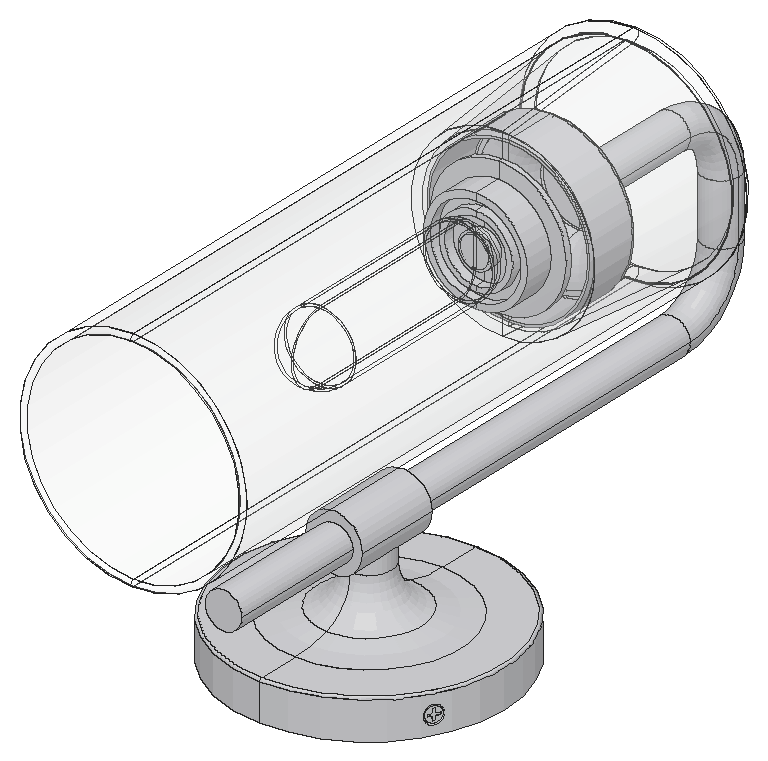
Revit family "Light_Fixture-Wall_Sconce-KOHLER-PURIST-K-27262_1", category Lighting Fixtures, host Face, Revit 2017
Family settings
  Host = Face
  Round Connector Dimension = Use Diameter
  Part Type = Normal
  OmniClass Number = 23.35.47.00
  OmniClass Title = Electrical Lighting
  Cut with Voids When Loaded = No
  Light Source = Yes
  Shared = No
  Room Calculation Point = No
Parameters (values of type "CPL-Polished Chrome")
  Width = 4 185/256"  # constant formula
  Wattage Comments = ""
  Wattage = 60 W
  WaterSense Certified = 1 = 0  # no
  built-in parameter 1150110 = 1 (stored number, unit not read)
  Voltage = 120 V  # constant formula
  URL = "https://www.us.kohler.com/us/"
  Type = 1
  built-in parameter 1114217 = 1 (stored number, unit not read)
  built-in parameter 1150109 = 1 (stored number, unit not read)
  built-in parameter 1150134 = 1
  built-in parameter 1150113 = 1 (stored number, unit not read)
  Product Page URL = "http://www.us.kohler.com/us/catalog/productDetails.jsp?productId=27262-SC01"
  Product Name = "PURIST"  # constant formula
  Product Documentation Link = "https://www.us.kohler.com/webassets/kpna/catalog/pdf/en/K-27262-SC01_spec_US-CA_Kohler_en.pdf"
  Model = if(Type = 1, "K-27262-SC01-CPL", if(Type = 2, "K-27262-SC01-BNL", if(Type = 3, "K-27262-SC01-BLL", if(Type = 4, "K-27262-SC01-SNL", if(Type = 5, "K-27262-SC01-2GL", "NA")))))  # "K-27262-SC01-CPL"
  Material = "Premium Metal Construction"  # constant formula
  Master Format 2014 Name = "Interior Lighting Fixtures, Lamps, And Ballasts"  # constant formula
  Master Format 2014 = "26 51 13"  # constant formula
  Manufacturer Address = "444 Highland Dr, Kohler, WI 53044"  # constant formula
  Manufacturer = "KOHLER Co."  # constant formula
  built-in parameter 1150105 = 95.493 (stored number, unit not read)
  Lumens = 1200 lm
  built-in parameter 1150115 = 1 (stored number, unit not read)
  Light Source Symbol Size = 7"  # constant formula
  built-in parameter 1150137 = (empty or 0)
  built-in parameter 1150139 = (empty or 0)
  Length = 7 33/128"  # constant formula
  built-in parameter 1150112 = 1 (stored number, unit not read)
  built-in parameter 1150114 = 1 (stored number, unit not read)
  Lamp = "T10 BULB"  # constant formula
  built-in parameter 1150132 = (empty or 0)
  built-in parameter 1150102 = (empty or 0)
  built-in parameter 1150107 = 6500 (stored number, unit not read)
  built-in parameter 1150138 = (empty or 0)
  built-in parameter 1150106 = 0.95493 (stored number, unit not read)
  Height = 13 7/64"  # constant formula
  Hardware Included = 1 = 1  # yes
  Finish = KOHLER-Metal-CPL-Polished_Chrome
  Environmental Product Declaration = ""
  Emit from Line Length = 3"
  Electrical Note = "One dedicated circuit required"  # constant formula
  Electrical Connector = 1 = 1  # yes
  built-in parameter 1150104 = 1.8581 (stored number, unit not read)
  Dimming Lamp Color Temperature Shift = Incandescent Lamp Curve
  Description = "PURIST 1-LIGHT SCONCE"  # constant formula
  Default Elevation = 60"
  Declare Label = ""
  Date Modified = "04/27/2021"  # constant formula
  Date Created = "04/27/2021"  # constant formula
  Copyright = "Copyright KOHLER Co."  # constant formula
  Contact Us = "https://www.us.kohler.com/us/static/contact.jsp"
  Color Filter = 16777215
  built-in parameter 1114218 = 1 (stored number, unit not read)
  built-in parameter 1150133 = 10 (stored number, unit not read)
  Assembly Code = "D5040.50"
  Apparent Load = 0 VA
  ADA Compliant = 1 = 0  # no
Types (6): name | Type | Model | Finish
  (no name) | 1 | "K-27262-SC01-CPL" | KOHLER-Metal-CPL-Polished_Chrome
  CPL-Polished Chrome | 1 | "K-27262-SC01-CPL" | KOHLER-Metal-CPL-Polished_Chrome
  BNL-Brushed Nickel | 2 | "K-27262-SC01-BNL" | KOHLER-Metal-BNL-Brushed_Nickel
  BLL-Matte Black | 3 | "K-27262-SC01-BLL" | KOHLER-Metal-BLL-Matte_Black
  SNL-Polished Nickel | 4 | "K-27262-SC01-SNL" | KOHLER-Metal-SNL-Polished_Nickel
  2GL-Brushed Modern Brass | 5 | "K-27262-SC01-2GL" | KOHLER-Metal-2GL-Brushed_Modern_Brass
Reference planes (in)
  plane 1 "Center (Front/Back)": y = 0
  plane 2: z = 0
  plane 3 "Center (Left/Right)": x = 0
  plane 4: y = 7.95276
  plane 5: x = 2.3622
  plane 6: y = 7.32283
  plane 7: y = 7.63779
  plane 8: y = -5.15662
  plane 9: y = -2.3622
  plane 10: y = 2.3622
  plane 11: x = 0.31496
  plane 12: x = -1.9685
  plane 13: x = 1.9685
  plane 14: x = -2.36045
  plane 15: x = -0.31496
  plane 16: z = 7.25781
  plane 17: y = 5.8668
  plane 18: z = 5.60236
  plane 19: z = 5.2874
  plane 20: z = 4.97244
  plane 21: z = 3.3208
  plane 22: z = 2.09843
  plane 23: z = 2.41339
  plane 24: z = 1.78346
  plane 25: z = 0.68898
Dimensions and locks (in)
  plane 4 to plane 8 = 13 7/64"
  "Width": plane 14 to plane 5
  "Height": plane 4 to plane 8
  "Length": level to plane 16
  plane 21 to plane 16 = 3.93701"
  plane 20 to plane 18 = 0.62992"
  plane 10 to plane 9 = 4.72441"
  aligned and locked: plane 2 to host face
  aligned and locked: level to host face
  aligned and locked: plane 3 "Center (Left/Right)" to nested 1
  aligned and locked: plane 1 "Center (Front/Back)" to nested 1
Automatic sketch dimensions
  host sketch curve to host sketch curve = 96"  (x2)
Nested families (in)
  nested 1: "K-27262" at (0, 0, 0), type "K-27262"
Connectors (in)
  electrical at (0, 0, 0), driven by "Voltage", driven by "Apparent Load", driven by "Electrical Connector", driven by "Electrical Note"
    settings: on nested 1, index 1, voltage 120 V, apparent load 0 VA, apparent load phase1 0 VA, apparent load phase2 0 VA, apparent load phase3 0 VA, power factor 1, load classification "Lighting", number of poles 1, system type 30, power factor state 1, is connector primary yes, connector utility yes, sub classification motor no, connector description "One dedicated circuit required"
Definition of nested family "K-27262"
  Parameters (values of type "K-27262")
    Material = none
  Reference planes (in)
    plane 1 "Center (Front/Back)": y = 0
    plane 2: z = 0
    plane 3 "Center (Left/Right)": x = 0
    plane 4: y = -2.3622
    plane 5: y = 2.3622
    plane 6: z = 7.25591
    plane 7: z = 3.3189
    plane 8: y = -5.15748
    plane 9: y = 7.95276
    plane 10: z = 2.09843
    plane 11: z = 2.41339
    plane 12: z = 1.78346
    plane 13: y = 7.63779
    plane 14: y = 7.32283
    plane 15: z = 5.2874
    plane 16: z = 5.60236
    plane 17: z = 4.97244
    plane 18: x = 1.9685
    plane 19: x = -1.9685
    plane 20: x = -2.3622
    plane 21: x = 2.3622
    plane 22: x = 0.31496
    plane 23: x = -0.31496
    plane 24: y = 5.8668
  Forms (in)
    Revolve 1, solid, material <- "Material", detail levels medium+fine
      sketch origin (0, 0, 0) x (0, 1, 0) y (0, 0, 1)
        loop
          line (0, 2.09843) -> (0, 0) -> (2.3622, 0) -> (2.3622, 0.64982)
          arc (2.3622, 0.64982) -> (2.35073, 0.67751) -> (2.32304, 0.68898) r 0.03916
          line (2.32304, 0.68898) -> (1.59505, 0.68898)
          arc (1.59505, 0.68898) -> (1.24832, 0.71439) -> (0.90899, 0.7901) r 2.37791
          arc (0.90899, 0.7901) -> (0.53668, 1.05153) -> (0.39378, 1.48344) r 0.72414
          line (0.39378, 1.48344) -> (0.39378, 2.09843) -> (0, 2.09843)
        axis (0, 0) -> (0, 2.09843)
      angle from 0 to 360
    Sweep 2, solid, material <- "Material"
      path origin (0, 0, 0) x (0, 1, 0) y (0, 0, 1)
        loop
          line (-3.14961, 2.09843) -> (6.5748, 2.09843)
          arc (6.5748, 2.09843) -> (7.32645, 2.40977) -> (7.63779, 3.16142) r 1.06299
          line (7.63779, 3.16142) -> (7.63779, 4.22441)
          arc (7.63779, 4.22441) -> (7.32645, 4.97606) -> (6.5748, 5.2874) r 1.06299
          line (6.5748, 5.2874) -> (4.6063, 5.2874)
      profile origin (0, 1.7126, 2.09843) x (0, 0, 1) y (1, 0, 0)
        loop
          circle (0, 0) r 0.31496
    Extrusion 3, solid, material <- "Material"
      sketch origin (0, 0, 0) x (1, 0, 0) y (0, 0, 1)
        loop
          circle (0, 2.09843) r 0.49215
      from -0.74803 to 0.74803
    Revolve 4, solid
      sketch origin (0, 0, 0) x (0, 1, 0) y (0, 0, 1)
        loop
          line (5.74907, 7.25591) -> (-5.09888, 7.25591)
          arc (-5.09888, 7.25591) -> (-5.15794, 7.19685) -> (-5.09888, 7.1378) r 0.05905
          line (-5.09888, 7.1378) -> (5.58238, 7.1378)
          arc (5.58238, 7.1378) -> (5.5961, 7.13393) -> (5.58857, 7.12184) r 0.00891
          line (5.58857, 7.12184) -> (2.91339, 6.8878) -> (2.91339, 6.11638) -> (3.0315, 6.11638) -> (3.0315, 6.78202) -> (5.75934, 7.02067)
          arc (5.75934, 7.02067) -> (5.8668, 7.14321) -> (5.74907, 7.25591) r 0.11784
        axis (5.75934, 5.2874) -> (-5.09888, 5.2874)
      angle from 0 to 360
    Revolve 5, solid, material <- "Material"
      sketch origin (0, 0, 0) x (0, 1, 0) y (0, 0, 1)
        loop
          line (2.81496, 6.4685) -> (2.81496, 6.19155) -> (2.32283, 6.19155) -> (2.32283, 6.0748) -> (2.48921, 6.0748) -> (2.48921, 5.92182) -> (2.32283, 5.92182) -> (2.32283, 5.82448) -> (2.48921, 5.82448) -> (2.48921, 5.59364) -> (2.32283, 5.59364) -> (2.32283, 5.2874) -> (2.91339, 5.2874) -> (2.91339, 6.4685) -> (2.81496, 6.4685)
        axis (2.32283, 5.2874) -> (2.91339, 5.2874)
      angle from 0 to 360
    Revolve 6, solid, material <- "Material", detail levels medium+fine
      sketch origin (0, 0, 0) x (0, 1, 0) y (0, 0, 1)
        loop
          line (3.0315, 6.70472) -> (3.0315, 6.66564) -> (3.95525, 6.66564)
          arc (3.95525, 6.66564) -> (3.97019, 6.65945) -> (3.97638, 6.6445) r 0.02113
          line (3.97638, 6.6445) -> (3.97638, 6.56042)
          arc (3.97638, 6.56042) -> (4.14087, 6.1374) -> (4.54793, 5.93662) r 0.62619
          arc (4.54793, 5.93662) -> (4.56146, 5.92995) -> (4.56693, 5.91589) r 0.02082
          line (4.56693, 5.91589) -> (4.56693, 5.49466) -> (4.6063, 5.49466) -> (4.6063, 5.91657)
          arc (4.6063, 5.91657) -> (4.59075, 5.95672) -> (4.55222, 5.97594) r 0.05964
          arc (4.55222, 5.97594) -> (4.16997, 6.1666) -> (4.01575, 6.56495) r 0.59158
          line (4.01575, 6.56495) -> (4.01575, 6.6454)
          arc (4.01575, 6.6454) -> (3.99837, 6.68735) -> (3.95642, 6.70472) r 0.05932
          line (3.95642, 6.70472) -> (3.0315, 6.70472)
        axis (4.6063, 5.2874) -> (3.0315, 5.2874)
      angle from 0 to 360
    Extrusion 7, void
      sketch origin (-0.02712, 0.01364, 0.0123) x (0.5, -0.866025, 0) y (0, 0, -1)
        loop
          line (0.02953, -0.42327) -> (0.02953, -0.36432)
          arc (0.02953, -0.36432) -> (0.03533, -0.3503) -> (0.04935, -0.34449) r 0.01983
          line (0.04935, -0.34449) -> (0.10827, -0.34449) -> (0.10827, -0.28543) -> (0.04914, -0.28543)
          arc (0.04914, -0.28543) -> (0.03527, -0.27969) -> (0.02953, -0.26582) r 0.01962
          line (0.02953, -0.26582) -> (0.02953, -0.20665) -> (-0.02953, -0.20665) -> (-0.02953, -0.26582)
          arc (-0.02953, -0.26582) -> (-0.03527, -0.27969) -> (-0.04914, -0.28543) r 0.01962
          line (-0.04914, -0.28543) -> (-0.10827, -0.28543) -> (-0.10827, -0.34449) -> (-0.04935, -0.34449)
          arc (-0.04935, -0.34449) -> (-0.03533, -0.3503) -> (-0.02953, -0.36432) r 0.01983
          line (-0.02953, -0.36432) -> (-0.02953, -0.42327) -> (0.02953, -0.42327)
      from -2.30315 to -2.46268
    Revolve 8, void
      sketch origin (-0.02712, 0.01364, 0.0123) x (-0.866025, -0.5, 0) y (0, 0, -1)
        loop
          line (1.88976, -0.31496) -> (1.88976, -0.3932) -> (2.25208, -0.3932) -> (2.3622, -0.4856) -> (2.3622, -0.45415) -> (2.30222, -0.42604) -> (2.26308, -0.3932) -> (2.26308, -0.31496) -> (1.88976, -0.31496)
        axis (2.3622, -0.31496) -> (1.88976, -0.31496)
      angle from 0 to 360
    Extrusion 9, void
      sketch origin (0.02712, 0.01364, 0.0123) x (-0.5, -0.866025, 0) y (0, 0, 1)
        loop
          line (0.02953, 0.42327) -> (-0.02953, 0.42327) -> (-0.02953, 0.36432)
          arc (-0.02953, 0.36432) -> (-0.03533, 0.3503) -> (-0.04935, 0.34449) r 0.01983
          line (-0.04935, 0.34449) -> (-0.10827, 0.34449) -> (-0.10827, 0.28543) -> (-0.04914, 0.28543)
          arc (-0.04914, 0.28543) -> (-0.03527, 0.27969) -> (-0.02953, 0.26582) r 0.01962
          line (-0.02953, 0.26582) -> (-0.02953, 0.20665) -> (0.02953, 0.20665) -> (0.02953, 0.26582)
          arc (0.02953, 0.26582) -> (0.03527, 0.27969) -> (0.04914, 0.28543) r 0.01962
          line (0.04914, 0.28543) -> (0.10827, 0.28543) -> (0.10827, 0.34449) -> (0.04935, 0.34449)
          arc (0.04935, 0.34449) -> (0.03533, 0.3503) -> (0.02953, 0.36432) r 0.01983
          line (0.02953, 0.36432) -> (0.02953, 0.42327)
      from -2.30315 to -2.46268
    Revolve 10, void
      sketch origin (0.02712, 0.01364, 0.0123) x (0.866025, -0.5, 0) y (0, 0, 1)
        loop
          line (1.88976, 0.31496) -> (2.26308, 0.31496) -> (2.26308, 0.3932) -> (2.30222, 0.42604) -> (2.3622, 0.45415) -> (2.3622, 0.4856) -> (2.25208, 0.3932) -> (1.88976, 0.3932) -> (1.88976, 0.31496)
        axis (2.3622, 0.31496) -> (1.88976, 0.31496)
      angle from 0 to 360
    Extrusion 11, void
      sketch origin (-0.02519, 0.01693, 0.0123) x (0.999943, -0.010666, 0) y (0, 0, 1)
        loop
          line (0.02953, 0.42327) -> (-0.02953, 0.42327) -> (-0.02953, 0.36432)
          arc (-0.02953, 0.36432) -> (-0.03533, 0.3503) -> (-0.04935, 0.34449) r 0.01983
          line (-0.04935, 0.34449) -> (-0.10827, 0.34449) -> (-0.10827, 0.28543) -> (-0.04914, 0.28543)
          arc (-0.04914, 0.28543) -> (-0.03527, 0.27969) -> (-0.02953, 0.26582) r 0.01962
          line (-0.02953, 0.26582) -> (-0.02953, 0.20665) -> (0.02953, 0.20665) -> (0.02953, 0.26582)
          arc (0.02953, 0.26582) -> (0.03527, 0.27969) -> (0.04914, 0.28543) r 0.01962
          line (0.04914, 0.28543) -> (0.10827, 0.28543) -> (0.10827, 0.34449) -> (0.04935, 0.34449)
          arc (0.04935, 0.34449) -> (0.03533, 0.3503) -> (0.02953, 0.36432) r 0.01983
          line (0.02953, 0.36432) -> (0.02953, 0.42327)
      from -2.30315 to -2.46268
    Revolve 12, void
      sketch origin (-0.02519, 0.01693, 0.0123) x (0.010666, 0.999943, 0) y (0, 0, 1)
        loop
          line (1.88976, 0.31496) -> (2.26308, 0.31496) -> (2.26308, 0.3932) -> (2.30222, 0.42604) -> (2.3622, 0.45415) -> (2.3622, 0.4856) -> (2.25208, 0.3932) -> (1.88976, 0.3932) -> (1.88976, 0.31496)
        axis (2.3622, 0.31496) -> (1.88976, 0.31496)
      angle from 0 to 360
    Revolve 13, solid
      sketch origin (0, 0, 0) x (0, 1, 0) y (0, 0, 1)
        loop
          line (2.32283, 5.2874) -> (2.32283, 5.55066)
          arc (2.32283, 5.55066) -> (2.21683, 5.80659) -> (1.9609, 5.9126) r 0.36194
          line (1.9609, 5.9126) -> (-1.05197, 5.9126)
          arc (-1.05197, 5.9126) -> (-1.49405, 5.72948) -> (-1.67717, 5.2874) r 0.6252
          line (-1.67717, 5.2874) -> (-1.6378, 5.2874)
          arc (-1.6378, 5.2874) -> (-1.46621, 5.70164) -> (-1.05197, 5.87323) r 0.58583
          line (-1.05197, 5.87323) -> (1.9609, 5.87323)
          arc (1.9609, 5.87323) -> (2.18899, 5.77875) -> (2.28346, 5.55066) r 0.32257
          line (2.28346, 5.55066) -> (2.28346, 5.2874) -> (2.32283, 5.2874)
        axis (2.32283, 5.2874) -> (-1.67717, 5.2874)
      angle from 0 to 360
    Revolve 14, solid, material <- "Material", detail levels coarse
      sketch origin (0, 0, 0) x (0, 1, 0) y (0, 0, 1)
        loop
          line (0, 2.09843) -> (0, 0) -> (2.3622, 0) -> (2.3622, 0.68898) -> (0.39378, 0.68898) -> (0.39378, 2.09843) -> (0, 2.09843)
        axis (0, 0) -> (0, 2.09843)
      angle from 0 to 360
    Revolve 15, solid, material <- "Material", detail levels coarse
      sketch origin (0, 0, 0) x (0, 1, 0) y (0, 0, 1)
        loop
          line (3.0315, 6.70472) -> (3.0315, 6.66564) -> (3.97638, 6.66564) -> (3.97638, 5.93605) -> (4.56693, 5.93605) -> (4.56693, 5.49466) -> (4.6063, 5.49466) -> (4.6063, 5.97379) -> (4.01575, 5.97379) -> (4.01575, 6.70472) -> (3.0315, 6.70472)
        axis (4.6063, 5.2874) -> (3.0315, 5.2874)
      angle from 0 to 360
  Cuts and joins
    Extrusion 7, Revolve 8, Extrusion 9, Revolve 10, Extrusion 11, Revolve 12 cuts Revolve 1
    Extrusion 9, Extrusion 11, Revolve 12 cuts Revolve 6
    joined: Revolve 1, Revolve 6
    Extrusion 9, Extrusion 11, Revolve 12 cuts Extrusion 3
    Extrusion 9, Extrusion 11, Revolve 12 cuts Sweep 2
    Extrusion 9, Extrusion 11, Revolve 12 cuts Revolve 5
  Lines and regions (in)
    Masking region 1
      outline origin (0, 0, 0) x (0, 1, 0) y (0, 0, 1)
        loop
          arc (2.3622, 0.64982) -> (2.35073, 0.67751) -> (2.32304, 0.68898) r 0.03916
          line (2.32304, 0.68898) -> (1.59505, 0.68898)
          arc (1.59505, 0.68898) -> (1.24832, 0.71439) -> (0.90899, 0.7901) r 2.37791
          arc (0.90899, 0.7901) -> (0.53668, 1.05153) -> (0.39378, 1.48344) r 0.72414
          line (0.39378, 1.48344) -> (0.39378, 1.60627) -> (0.74803, 1.60627) -> (0.74803, 1.78346) -> (6.5748, 1.78346)
          arc (6.5748, 1.78346) -> (7.54916, 2.18706) -> (7.95276, 3.16142) r 1.37795
          line (7.95276, 3.16142) -> (7.95276, 4.22441)
          arc (7.95276, 4.22441) -> (7.54916, 5.19877) -> (6.5748, 5.60236) r 1.37795
          line (6.5748, 5.60236) -> (5.8668, 5.60236) -> (5.8668, 7.14321)
          arc (5.8668, 7.14321) -> (5.83056, 7.22319) -> (5.74907, 7.25591) r 0.11784
          line (5.74907, 7.25591) -> (-5.09888, 7.25591)
          arc (-5.09888, 7.25591) -> (-5.13796, 7.24112) -> (-5.15748, 7.20418) r 0.05905
          line (-5.15748, 7.20418) -> (-5.15748, 3.37062)
          arc (-5.15748, 3.37062) -> (-5.13796, 3.33368) -> (-5.09888, 3.3189) r 0.05905
          line (-5.09888, 3.3189) -> (5.74907, 3.3189)
          arc (5.74907, 3.3189) -> (5.83056, 3.35161) -> (5.8668, 3.4316) r 0.11784
          line (5.8668, 3.4316) -> (5.8668, 4.97244) -> (6.57549, 4.97244)
          arc (6.57549, 4.97244) -> (7.10394, 4.75355) -> (7.32283, 4.2251) r 0.74734
          line (7.32283, 4.2251) -> (7.32283, 3.16032)
          arc (7.32283, 3.16032) -> (7.10406, 2.63216) -> (6.5759, 2.41339) r 0.74694
          line (6.5759, 2.41339) -> (0.74803, 2.41339) -> (0.74803, 2.59058) -> (-0.74803, 2.59058) -> (-0.74803, 2.41339) -> (-3.14961, 2.41339) -> (-3.14961, 1.78346) -> (-0.74803, 1.78346) -> (-0.74803, 1.60627) -> (-0.39378, 1.60627) -> (-0.39378, 1.48344)
          arc (-0.39378, 1.48344) -> (-0.53668, 1.05153) -> (-0.90899, 0.7901) r 0.72414
          arc (-0.90899, 0.7901) -> (-1.24832, 0.71439) -> (-1.59505, 0.68898) r 2.37791
          line (-1.59505, 0.68898) -> (-2.32304, 0.68898)
          arc (-2.32304, 0.68898) -> (-2.35073, 0.67751) -> (-2.3622, 0.64982) r 0.03916
          line (-2.3622, 0.64982) -> (-2.3622, 0) -> (2.3622, 0) -> (2.3622, 0.64982)
    Masking region 2
      outline origin (0, 0, 0) x (1, 0, 0) y (0, 0, 1)
        loop
          arc (2.3622, 0.64982) -> (2.35073, 0.67751) -> (2.32304, 0.68898) r 0.03916
          line (2.32304, 0.68898) -> (1.59505, 0.68898)
          arc (1.59505, 0.68898) -> (1.24832, 0.71439) -> (0.90899, 0.7901) r 2.37791
          arc (0.90899, 0.7901) -> (0.53668, 1.05153) -> (0.39378, 1.48344) r 0.72414
          line (0.39378, 1.48344) -> (0.39378, 1.80321)
          arc (0.39378, 1.80321) -> (0.48881, 2.15564) -> (0.31496, 2.47659) r 0.49215
          line (0.31496, 2.47659) -> (0.31496, 3.34426)
          arc (0.31496, 3.34426) -> (0, 7.25591) -> (-0.31496, 3.34426) r 1.9685
          line (-0.31496, 3.34426) -> (-0.31496, 2.47659)
          arc (-0.31496, 2.47659) -> (-0.48881, 2.15564) -> (-0.39378, 1.80321) r 0.49215
          line (-0.39378, 1.80321) -> (-0.39378, 1.48344)
          arc (-0.39378, 1.48344) -> (-0.53668, 1.05153) -> (-0.90899, 0.7901) r 0.72414
          arc (-0.90899, 0.7901) -> (-1.24832, 0.71439) -> (-1.59505, 0.68898) r 2.37791
          line (-1.59505, 0.68898) -> (-2.32304, 0.68898)
          arc (-2.32304, 0.68898) -> (-2.35073, 0.67751) -> (-2.3622, 0.64982) r 0.03916
          line (-2.3622, 0.64982) -> (-2.3622, 0) -> (2.3622, 0) -> (2.3622, 0.64982)
    Masking region 3
      outline origin (0, 0, 0) x (1, 0, 0) y (0, 1, 0)
        loop
          arc (1.9685, 5.74907) -> (1.93579, 5.83056) -> (1.8558, 5.8668) r 0.11784
          line (1.8558, 5.8668) -> (0.31496, 5.8668) -> (0.31496, 7.6378)
          arc (0.31496, 7.6378) -> (0, 7.95276) -> (-0.31496, 7.6378) r 0.31496
          line (-0.31496, 7.6378) -> (-0.31496, 5.8668) -> (-1.8558, 5.8668)
          arc (-1.8558, 5.8668) -> (-1.93579, 5.83056) -> (-1.9685, 5.74907) r 0.11784
          line (-1.9685, 5.74907) -> (-1.9685, 1.30576)
          arc (-1.9685, 1.30576) -> (-2.3622, 0) -> (-1.9685, -1.30576) r 2.3622
          line (-1.9685, -1.30576) -> (-1.9685, -5.09888)
          arc (-1.9685, -5.09888) -> (-1.95372, -5.13796) -> (-1.91678, -5.15748) r 0.05905
          line (-1.91678, -5.15748) -> (1.91678, -5.15748)
          arc (1.91678, -5.15748) -> (1.95372, -5.13796) -> (1.9685, -5.09888) r 0.05905
          line (1.9685, -5.09888) -> (1.9685, -1.30576)
          arc (1.9685, -1.30576) -> (2.3622, 0) -> (1.9685, 1.30576) r 2.3622
          line (1.9685, 1.30576) -> (1.9685, 5.74907)
    symbolic lines, detail levels medium+fine
      curve 1: line (0, 5.8668, 5.60236) -> (0, 5.8668, 4.97244)
      curve 2: line (0, 1.59505, 0.68898) -> (0, -1.59505, 0.68898)
      curve 3: line (0, -0.39378, 1.60627) -> (0, 0.39378, 1.60627)
      curve 4: line (0, -0.74803, 2.41339) -> (0, -0.74803, 1.78346)
      curve 5: line (0, 0.74803, 2.41339) -> (0, 0.74803, 1.78346)
      curve 6: line (0, 5.74907, 7.25591) -> (0, 5.74907, 3.3189)
      curve 7: line (0, -5.09888, 7.25591) -> (0, -5.09888, 3.3189)
      curve 8: line (0, -3.11024, 2.41339) -> (0, -3.11024, 1.78346)
      curve 9: line (0, 2.3622, 0.64982) -> (0, -2.3622, 0.64982)
      curve 10: line (1.59505, 0, 0.68898) -> (-1.59505, 0, 0.68898)
      curve 11: line (2.3622, 0, 0.64982) -> (-2.3622, 0, 0.64982)
      curve 12: arc (0.39378, 0, 1.80321) -> (0, 0, 1.60627) -> (-0.39378, 0, 1.80321) r 0.49215
      curve 13: arc (0.31496, 0, 2.09843) -> (0, 0, 1.78346) -> (-0.31496, 0, 2.09843) r 0.31496
      curve 14: arc (0.31496, 0, 3.82635) -> (0, 0, 6.78202) -> (-0.31496, 0, 3.82635) r 1.49462
      curve 15: arc (0.31496, 0, 3.90552) -> (0, 0, 6.70472) -> (-0.31496, 0, 3.90552) r 1.41732
      curve 16: arc (0.31496, 0, 4.68119) -> (0, 0, 5.97055) -> (-0.31496, 0, 4.68119) r 0.68315
      curve 17: arc (0.31496, 0, 3.58372) -> (0, 0, 7.01995) -> (-0.31496, 0, 3.58372) r 1.73255
      curve 18: arc (0.31496, 0, 3.54397) -> (0, 0, 7.05906) -> (-0.31496, 0, 3.54397) r 1.77165
      curve 19: line (-1.9685, 5.74907, 0) -> (1.9685, 5.74907, 0)
      curve 20: line (-1.9685, -5.09888, 0) -> (1.9685, -5.09888, 0)
      curve 21: line (-0.31496, 5.8668, 0) -> (0.31496, 5.8668, 0)
      curve 22: line (-1.9685, 1.30576, 0) -> (-1.9685, -1.30576, 0)
      curve 23: line (1.9685, 1.30576, 0) -> (1.9685, -1.30576, 0)
      curve 24: spline (0, -1.15978, 0.48429) -> (0, -1.19457, 0.47815) -> (0, -1.22684, 0.46204) -> (0, -1.25446, 0.43701) -> (0, -1.27561, 0.40473) -> (0, -1.28889, 0.36732) -> (0, -1.29341, 0.32726) -> (0, -1.28889, 0.28721) -> (0, -1.27561, 0.2498) -> (0, -1.25446, 0.21752) -> (0, -1.22684, 0.19249) -> (0, -1.19457, 0.17637) -> (0, -1.15978, 0.17023)
      curve 25: spline (0, -1.15978, 0.17023) -> (0, -1.12515, 0.17657) -> (0, -1.09306, 0.19279) -> (0, -1.06561, 0.21783) -> (0, -1.04461, 0.25006) -> (0, -1.03143, 0.28735) -> (0, -1.02694, 0.32726) -> (0, -1.03143, 0.36718) -> (0, -1.04461, 0.40447) -> (0, -1.06561, 0.4367) -> (0, -1.09306, 0.46174) -> (0, -1.12515, 0.47796) -> (0, -1.15978, 0.48429)
      curve 26: spline (0, -1.15966, 0.45876) -> (0, -1.13027, 0.45395) -> (0, -1.10295, 0.44063) -> (0, -1.07952, 0.4197) -> (0, -1.06157, 0.39256) -> (0, -1.05029, 0.36105) -> (0, -1.04644, 0.32726) -> (0, -1.05029, 0.29348) -> (0, -1.06157, 0.26196) -> (0, -1.07952, 0.23483) -> (0, -1.10295, 0.2139) -> (0, -1.13027, 0.20058) -> (0, -1.15966, 0.19577)
      curve 27: spline (0, -1.15966, 0.45876) -> (0, -1.18902, 0.45391) -> (0, -1.21632, 0.44057) -> (0, -1.23971, 0.41964) -> (0, -1.25764, 0.39252) -> (0, -1.2689, 0.36102) -> (0, -1.27274, 0.32726) -> (0, -1.2689, 0.29351) -> (0, -1.25764, 0.26201) -> (0, -1.23971, 0.23489) -> (0, -1.21632, 0.21396) -> (0, -1.18902, 0.20062) -> (0, -1.15966, 0.19577)
      curve 28: line (0, -1.06347, 0.35679) -> (0, -1.11579, 0.35679)
      curve 29: spline (0, -1.11579, 0.35679) -> (0, -1.11807, 0.35696) -> (0, -1.12031, 0.35746) -> (0, -1.12247, 0.3583) -> (0, -1.12452, 0.35944) -> (0, -1.12642, 0.36088) -> (0, -1.12813, 0.36258) -> (0, -1.12963, 0.36453) -> (0, -1.1309, 0.36668) -> (0, -1.13191, 0.369) -> (0, -1.13264, 0.37145) -> (0, -1.13309, 0.37399) -> (0, -1.13324, 0.37658)
      curve 30: line (0, -1.13324, 0.37658) -> (0, -1.13324, 0.43557)
      curve 31: line (0, -1.13324, 0.43557) -> (0, -1.1847, 0.43557)
      curve 32: line (0, -1.1847, 0.43557) -> (0, -1.1847, 0.3766)
      curve 33: spline (0, -1.1847, 0.3766) -> (0, -1.18485, 0.37402) -> (0, -1.18528, 0.37148) -> (0, -1.186, 0.36902) -> (0, -1.18699, 0.3667) -> (0, -1.18824, 0.36454) -> (0, -1.18971, 0.36259) -> (0, -1.1914, 0.36089) -> (0, -1.19326, 0.35945) -> (0, -1.19526, 0.3583) -> (0, -1.19738, 0.35747) -> (0, -1.19958, 0.35696) -> (0, -1.20181, 0.35679)
      curve 34: line (0, -1.20181, 0.35679) -> (0, -1.25216, 0.35679)
      curve 35: line (0, -1.25216, 0.35679) -> (0, -1.25216, 0.29774)
      curve 36: line (0, -1.25216, 0.29774) -> (0, -1.20163, 0.29774)
      curve 37: spline (0, -1.20164, 0.29774) -> (0, -1.19943, 0.29757) -> (0, -1.19726, 0.29707) -> (0, -1.19516, 0.29624) -> (0, -1.19317, 0.2951) -> (0, -1.19133, 0.29367) -> (0, -1.18966, 0.29198) -> (0, -1.1882, 0.29004) -> (0, -1.18697, 0.2879) -> (0, -1.18599, 0.2856) -> (0, -1.18528, 0.28316) -> (0, -1.18484, 0.28064) -> (0, -1.1847, 0.27807)
      curve 38: line (0, -1.1847, 0.27807) -> (0, -1.1847, 0.21896)
      curve 39: line (0, -1.1847, 0.21896) -> (0, -1.13324, 0.21896)
      curve 40: line (0, -1.13324, 0.21896) -> (0, -1.13324, 0.27819)
      curve 41: spline (0, -1.13324, 0.27819) -> (0, -1.13308, 0.28075) -> (0, -1.13263, 0.28326) -> (0, -1.1319, 0.28568) -> (0, -1.1309, 0.28797) -> (0, -1.12965, 0.2901) -> (0, -1.12816, 0.29202) -> (0, -1.12646, 0.2937) -> (0, -1.12459, 0.29512) -> (0, -1.12257, 0.29625) -> (0, -1.12044, 0.29707) -> (0, -1.11823, 0.29757) -> (0, -1.11598, 0.29774)
      curve 42: line (0, -1.11598, 0.29774) -> (0, -1.06347, 0.29774)
      curve 43: line (0, -1.06347, 0.29774) -> (0, -1.06347, 0.35679)
      curve 44: line (0, -1.1635, 0.37662) -> (0, -1.1635, 0.43557)
      curve 45: spline (0, -1.18067, 0.35679) -> (0, -1.17843, 0.35696) -> (0, -1.17623, 0.35747) -> (0, -1.1741, 0.3583) -> (0, -1.17209, 0.35945) -> (0, -1.17022, 0.36089) -> (0, -1.16853, 0.3626) -> (0, -1.16705, 0.36455) -> (0, -1.1658, 0.3667) -> (0, -1.16481, 0.36903) -> (0, -1.16409, 0.37149) -> (0, -1.16365, 0.37403) -> (0, -1.1635, 0.37662)
      curve 46: spline (0, -1.18049, 0.29774) -> (0, -1.17827, 0.29757) -> (0, -1.17609, 0.29707) -> (0, -1.17399, 0.29624) -> (0, -1.172, 0.29511) -> (0, -1.17015, 0.29368) -> (0, -1.16848, 0.29199) -> (0, -1.16701, 0.29006) -> (0, -1.16578, 0.28793) -> (0, -1.1648, 0.28563) -> (0, -1.16408, 0.2832) -> (0, -1.16365, 0.28068) -> (0, -1.1635, 0.27812)
      curve 47: line (0, -1.1635, 0.21896) -> (0, -1.1635, 0.27812)
      curve 48: line (0, -1.23169, 0.29774) -> (0, -1.23169, 0.35679)
      curve 49: line (0, -1.18067, 0.35679) -> (0, -1.21304, 0.35679)
      curve 50: line (0, -1.18049, 0.29774) -> (0, -1.21304, 0.29774)
      curve 51: arc (0.00078, 0, 0.48429) -> (-0.15181, 0, 0.32726) -> (0.00078, 0, 0.17023) r 0.15709
      curve 52: arc (0.00078, 0, 0.17023) -> (0.15401, 0, 0.32726) -> (0.00078, 0, 0.48429) r 0.15708
      curve 53: line (0.02935, 0, 0.37662) -> (0.02935, 0, 0.43557)
      curve 54: spline (0.04919, 0, 0.35679) -> (0.0466, 0, 0.35696) -> (0.04405, 0, 0.35746) -> (0.0416, 0, 0.3583) -> (0.03927, 0, 0.35944) -> (0.03711, 0, 0.36088) -> (0.03516, 0, 0.36259) -> (0.03345, 0, 0.36454) -> (0.03201, 0, 0.3667) -> (0.03086, 0, 0.36903) -> (0.03002, 0, 0.37148) -> (0.02952, 0, 0.37403) -> (0.02935, 0, 0.37662)
      curve 55: line (0.10807, 0, 0.35679) -> (0.04919, 0, 0.35679)
      curve 56: line (-0.02971, 0, 0.43557) -> (-0.02971, 0, 0.37654)
      curve 57: spline (-0.02971, 0, 0.37654) -> (-0.02989, 0, 0.37396) -> (-0.0304, 0, 0.37143) -> (-0.03124, 0, 0.36898) -> (-0.03239, 0, 0.36666) -> (-0.03384, 0, 0.36451) -> (-0.03554, 0, 0.36257) -> (-0.03749, 0, 0.36087) -> (-0.03965, 0, 0.35944) -> (-0.04197, 0, 0.35829) -> (-0.04442, 0, 0.35746) -> (-0.04696, 0, 0.35696) -> (-0.04954, 0, 0.35679)
      curve 58: line (-0.04954, 0, 0.35679) -> (-0.10889, 0, 0.35679)
      curve 59: line (-0.10889, 0, 0.29774) -> (-0.04933, 0, 0.29774)
      curve 60: line (-0.02971, 0, 0.27812) -> (-0.02971, 0, 0.21896)
      curve 61: spline (-0.04933, 0, 0.29774) -> (-0.04677, 0, 0.29757) -> (-0.04425, 0, 0.29707) -> (-0.04182, 0, 0.29624) -> (-0.03952, 0, 0.29511) -> (-0.03739, 0, 0.29368) -> (-0.03546, 0, 0.29199) -> (-0.03377, 0, 0.29006) -> (-0.03234, 0, 0.28793) -> (-0.0312, 0, 0.28563) -> (-0.03038, 0, 0.2832) -> (-0.02988, 0, 0.28068) -> (-0.02971, 0, 0.27812)
      curve 62: line (0.02935, 0, 0.21896) -> (0.02935, 0, 0.27393)
      curve 63: spline (0.04851, 0, 0.29774) -> (0.0456, 0, 0.29752) -> (0.04276, 0, 0.29687) -> (0.04004, 0, 0.29581) -> (0.03751, 0, 0.29436) -> (0.03523, 0, 0.29255) -> (0.03323, 0, 0.29042) -> (0.03158, 0, 0.28802) -> (0.0303, 0, 0.2854) -> (0.02942, 0, 0.28262) -> (0.02896, 0, 0.27974) -> (0.02894, 0, 0.27682) -> (0.02935, 0, 0.27393)
      curve 64: line (0.04851, 0, 0.29774) -> (0.10807, 0, 0.29774)
      curve 65: line (0.02935, 0, 0.43557) -> (-0.02971, 0, 0.43557)
      curve 66: line (0.10807, 0, 0.35679) -> (0.10807, 0, 0.29774)
      curve 67: line (-0.10889, 0, 0.35679) -> (-0.10889, 0, 0.29774)
      curve 68: line (0.02935, 0, 0.21896) -> (-0.02971, 0, 0.21896)
      curve 69: arc (0.00065, 0, 0.19577) -> (-0.12943, 0, 0.32726) -> (0.00065, 0, 0.45876) r 0.13151
      curve 70: arc (0.00065, 0, 0.45876) -> (0.13029, 0, 0.32726) -> (0.00065, 0, 0.19577) r 0.13151
      curve 71: arc (0.31496, 0, 4.52058) -> (0, 0, 6.11638) -> (-0.31496, 0, 4.52058) r 0.82898
      curve 72: arc (0.31496, 0, 4.43989) -> (0, 0, 6.19155) -> (-0.31496, 0, 4.43989) r 0.90415
      curve 73: arc (0.31496, 0, 5.2874) -> (0, 0, 5.60236) -> (-0.31496, 0, 5.2874) r 0.31496
      curve 74: line (0.31496, 0, 5.2874) -> (0.31496, 0, 3.34426)
      curve 75: line (-0.31496, 0, 5.2874) -> (-0.31496, 0, 3.34426)
      curve 76: line (0.31496, 0, 2.47659) -> (0.31496, 0, 2.09843)
      curve 77: line (-0.31496, 0, 2.47659) -> (-0.31496, 0, 2.09843)
  Dimensions and locks (in)
    aligned and locked: plane 2 to level
